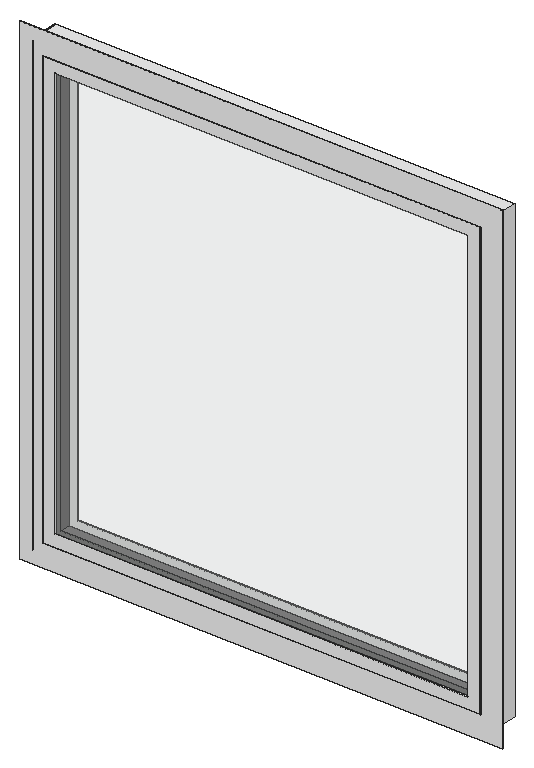
Revit family "Casement_28_F_Top_Hung_Standard", category Windows, host Wall, Revit 2014
Parameters (values of type "Casement_Sash_DG")
  Width Sash [instance] = 30 mm
  Width Sash Inner = 15 mm
  Width Bead = 15 mm
  Top Hung [instance] = yes
  Side Hung Right [instance] = yes
  Side Hung Left [instance] = yes
  Sash Opening Width [instance] = 600 mm
  Sash Opening Height [instance] = 600.312 mm
  Sash Lip = 15 mm
  Glazing Material [instance] = Glass
  DG Start Piece 2 [instance] = DG End Piece 1 + DG Gasket Thickness  # 25 mm
  DG Start Peice 1 [instance] = (Depth Sash - (2 * DG Glazing Thickness) - DG Gasket Thickness) / 2  # 6.6 mm
  Glazing Offset = 5 mm
  DG Glazing Thickness [instance] = 6.4 mm
  DG Gasket Thickness = 12 mm  # constant formula
  DG Gasket Material [instance] = Double Glazing Gasket Material
  DG End Piece 2 [instance] = DG Start Piece 2 + DG Glazing Thickness  # 31.4 mm
  DG End Piece 1 [instance] = DG Start Peice 1 + DG Glazing Thickness  # 13 mm
  Depth Sash [instance] = 38 mm
  Center Vertical Sash [instance] = Sash Opening Height / 2  # 300.156 mm
  Center Horizontal Sash [instance] = Sash Opening Width / 2  # 300 mm
  Bottom Hung [instance] = yes
  Bead Offset = 15 mm
  Aluminium Thickness = 1 mm
  Aluminium Material [instance] = White Powder Coated Aluminium
Reference planes
  plane 1 "Center (Front/Back)": y = 0
  plane 2: z = 0
  plane 3 "Center (Left/Right)": x = 0
Forms (mm)
  Sweep 1, solid, material "White Powder Coated Aluminium" <- "Aluminium Material"
    path origin (16.177, 0, 121.331) x (1, 0, 0) y (0, 0, 1)
      loop
        line (0, 0) -> (600, 0) -> (600, 600.312) -> (0, 600.312) -> (0, 0)
    profile origin (316.177, 0, 121.331) x (0, 0, 1) y (0, -1, 0)
      loop
        line (0, 0) -> (30, 0) -> (30, 1) -> (15, 1) -> (15, 38) -> (-15, 38) -> (-15, 37) -> (0, 37) -> (0, 0)
      loop
        line (14, 1) -> (14, 37) -> (1, 37) -> (1, 1) -> (14, 1)
  Sweep 2, solid, material "White Powder Coated Aluminium" <- "Aluminium Material"
    path origin (0, 0, 0) x (1, 0, 0) y (0, 0, 1)
      loop
        line (31.177, 706.643) -> (31.177, 136.331) -> (601.177, 136.331) -> (601.177, 706.643) -> (31.177, 706.643)
    profile origin (316.177, 0, 706.643) x (0, 0, 1) y (0, -1, 0)
      loop
        line (0, 37) -> (0, 38) -> (-15, 38) -> (-15, 37) -> (0, 37)
  Extrusion 3, solid, material "Glass" <- "Glazing Material"
    sketch origin (0, 0, 0) x (1, 0, 0) y (0, 0, 1)
      loop
        line (36.177, 701.643) -> (36.177, 141.331) -> (596.177, 141.331) -> (596.177, 701.643) -> (36.177, 701.643)
    from 6.6 <- "DG Start Peice 1" to 13 <- "DG End Piece 1"
  Extrusion 4, solid, material "Glass" <- "Glazing Material"
    sketch origin (0, 0, 0) x (1, 0, 0) y (0, 0, 1)
      loop
        line (36.177, 701.643) -> (36.177, 141.331) -> (596.177, 141.331) -> (596.177, 701.643) -> (36.177, 701.643)
    from 31.4 <- "DG End Piece 2" to 25 <- "DG Start Piece 2"
  Sweep 5, solid, material "Double Glazing Gasket Material" <- "DG Gasket Material"
    path origin (0, -13, 0) x (1, 0, 0) y (0, 0, 1)
      loop
        line (36.177, 701.643) -> (36.177, 141.331) -> (596.177, 141.331) -> (596.177, 701.643) -> (36.177, 701.643)
    profile origin (316.177, -13, 701.643) x (0, 0, 1) y (0, -1, 0)
      loop
        line (0, 0) -> (0, 12) -> (-7.96, 12) -> (-7.96, 0) -> (0, 0)
Lines and regions (mm)
  model lines
    curve 1: line (1.177, -38, 736.643) -> (31.177, -38, 706.643)
    curve 2: line (601.177, -38, 706.643) -> (631.177, -38, 736.643)
    curve 3: line (601.177, -38, 136.331) -> (631.177, -38, 106.331)
    curve 4: line (1.177, -38, 106.331) -> (31.177, -38, 136.331)
    curve 5: line (631.177, -37, 736.643) -> (616.177, -37, 721.643)
    curve 6: line (1.177, -37, 736.643) -> (16.177, -37, 721.643)
    curve 7: line (1.177, -37, 106.331) -> (16.177, -37, 121.331)
    curve 8: line (631.177, -37, 106.331) -> (616.177, -37, 121.331)
    curve 9: line (616.177, 0, 121.331) -> (586.177, 0, 151.331)
    curve 10: line (46.177, 0, 151.331) -> (16.177, 0, 121.331)
    curve 11: line (616.177, 0, 721.643) -> (586.177, 0, 691.643)
    curve 12: line (46.177, 0, 691.643) -> (16.177, 0, 721.643)
    curve 13: line (31.177, -38, 691.643) -> (46.177, -38, 691.643)
    curve 14: line (586.177, -38, 691.643) -> (601.177, -38, 691.643)
    curve 15: line (586.177, -38, 151.331) -> (601.177, -38, 151.331)
    curve 16: line (31.177, -38, 151.331) -> (46.177, -38, 151.331)
  model lines, style "GenericModelHiddenLines", visible <- "Top Hung"
    curve 17: line (46.386, -31.4, 690.914) -> (316.177, -31.4, 151.331)
    curve 18: line (316.177, -31.4, 151.331) -> (586.177, -31.4, 691.331)
  model lines, style "GenericModelHiddenLines", visible <- "Bottom Hung"
    curve 19: line (46.177, -31.4, 151.331) -> (316.177, -31.4, 691.331)
    curve 20: line (316.177, -31.4, 691.331) -> (586.177, -31.4, 151.331)
  model lines, style "GenericModelHiddenLines", visible <- "Side Hung Left"
    curve 21: line (46.386, -31.4, 690.914) -> (585.24, -31.4, 421.487)
    curve 22: line (585.24, -31.4, 421.487) -> (46.177, -31.4, 151.331)
  model lines, style "GenericModelHiddenLines", visible <- "Side Hung Right"
    curve 23: line (586.177, -31.4, 691.331) -> (46.177, -31.4, 421.487)
    curve 24: line (46.177, -31.4, 421.487) -> (586.177, -31.4, 151.331)
Dimensions and locks
  "Aluminium Thickness": Sweep 1 sketch curve to Sweep 1 sketch curve  (x4)
  "Depth Sash": Sweep 1 sketch curve to Sweep 1 sketch curve
  "Sash Opening Width": Sweep 1 to Sweep 1
  "Sash Opening Height": Sweep 1 to Sweep 1
  "Width Sash": Sweep 1 sketch curve to Sweep 1 sketch curve  (x2)
  "Width Sash Inner": Sweep 1 sketch curve to Sweep 1 sketch curve
  "Sash Lip": Sweep 1 sketch curve to Sweep 1 sketch curve
  "Aluminium Thickness": Sweep 1 to Sweep 2 sketch curve
  "Glazing Offset": Sweep 2 to Extrusion 3 sketch curve  (x3)
  "Glazing Offset": Extrusion 3 sketch curve to Sweep 2
  Sweep 1 to Sweep 1 = 1 mm
  "Aluminium Thickness": Sweep 2 sketch curve to Sweep 2 sketch curve
  "Width Bead": Sweep 2 sketch curve to Sweep 2 sketch curve
  locked: Sweep 5 sketch curve to Sweep 5 sketch curve at 7.96
  "Center Horizontal Sash": Sweep 1 to curve 18
  "Center Horizontal Sash": Sweep 1 to curve 20
  "Center Vertical Sash": Sweep 1 to curve 22
  "Center Vertical Sash": Sweep 1 to curve 24
  aligned and locked: level to plane 2
  aligned and locked: Sweep 1 sketch curve to Sweep 1 sketch curve  (x2)
  aligned and locked: Sweep 2 sketch curve to Sweep 1  (x5)
  aligned and locked: Extrusion 4 sketch curve to Extrusion 3  (x4)
  aligned and locked: Sweep 5 sketch curve to Extrusion 3  (x5)
  aligned and locked: Extrusion 3 to Sweep 5 sketch curve
Automatic sketch dimensions
  plane 3 "Center (Left/Right)" to Sweep 1 sketch curve = 16.177 mm
  level to Sweep 1 sketch curve = 121.331 mm
  plane 3 "Center (Left/Right)" to Sweep 1 sketch curve = 616.177 mm
  level to Sweep 1 sketch curve = 721.643 mm
  profile plane to Sweep 5 sketch curve = 12 mm
  curve 7 to Sweep 1 = 0 mm  (x4)
  curve 6 to Sweep 1 = 0 mm  (x3)
  Sweep 1 to curve 6 = 0 mm
  curve 5 to Sweep 1 = 0 mm  (x3)
  curve 8 to Sweep 1 = 0 mm  (x4)
  Sweep 1 to curve 5 = 0 mm
  curve 16 to Sweep 2 = 0 mm  (x3)
  curve 13 to Sweep 2 = 0 mm  (x3)
  curve 15 to Sweep 2 = 0 mm
  Sweep 2 to curve 15 = 0 mm  (x2)
  curve 14 to Sweep 2 = 0 mm  (x2)
  Sweep 2 to curve 14 = 0 mm
  curve 1 to Sweep 1 = 0 mm  (x4)
  curve 4 to Sweep 1 = 0 mm  (x3)
  Sweep 1 to curve 4 = 0 mm
  curve 3 to Sweep 1 = 0 mm  (x3)
  curve 2 to Sweep 1 = 0 mm  (x4)
  Sweep 1 to curve 3 = 0 mm
  curve 10 to Sweep 1 = 0 mm  (x4)
  curve 12 to Sweep 1 = 0 mm  (x3)
  Sweep 1 to curve 12 = 0 mm
  curve 9 to Sweep 1 = 0 mm  (x4)
  curve 11 to Sweep 1 = 0 mm  (x3)
  Sweep 1 to curve 11 = 0 mm
  Sweep 1 sketch curve to plane 1 "Center (Front/Back)" = 0 mm
  profile plane to Sweep 1 sketch curve = 0 mm
  curve 21 to Extrusion 4 = 10.208 mm
  curve 19 to Extrusion 4 = 10 mm
  curve 23 to Extrusion 4 = 10 mm  (x2)
  curve 22 to Extrusion 4 = 10.937 mm
  curve 20 to Extrusion 4 = 10 mm
  curve 24 to Extrusion 4 = 10 mm
  curve 22 to Extrusion 4 = 10 mm
  curve 18 to Extrusion 4 = 10 mm
  curve 21 to Extrusion 4 = 10.729 mm
  curve 19 to Extrusion 4 = 10.312 mm
  curve 18 to Extrusion 4 = 10.312 mm
Types in the file's own list only (6): name | Windload Design | Width Sash Right Opening | Width Sash Left Opening | Width Sash Right | Width Sash Left | Width Profile | Width Fixed Panel Right | Width Fixed Panel Left | Width Fixed Panel Center | Width | URL | Offset Window Exterior | Max Pane Area | Intruderprufe U Value | Intruderprufe SHGC Value | Intruderprufe LowE U Value | Intruderprufe LowE SHGC Value | Height Fixed Panel Right | Height Fixed Panel Left | Height | Energy Advantage U Value | Energy Advantage SHGC Value | Custom Window Width | Custom Window Height | Window Exterior Offset | Custom Windload | Custom Sash Right Width | Custom Sash Right Height | Custom Sash Left Width | Custom Sash Left Height | Single Glazing | Sash Spacing Inner | Sash Overlap | Sash Center Offset | SG Gasket Thickness | Offset Sash Side | Offset Sash Top | Offset Mullion Right | Offset Fixed Panel Center Left | Offset Mullion Left | Offset Transom Right Top | Offset Transom Left Top | Offset Bead Center Reversed | Model | Manufacturer | Limit Window Width Min | Limit Window Width Max | Limit Window Height Min | Limit Window Height Max | Limit Sash Width Min | Limit Sash Width Max | Limit Sash Height Min | Limit Sash Height Max | Limit Fixed Pane Width Min | Limit Fixed Pane Width Max | Limit Fixed Pane Height Min | Limit Fixed Pane Height Max | Length Transom Right | Length Transom Left | Length Mullion | Height Sash Right Opening | Height Sash Right | Height Sash Left Opening | Height Sash Left | Height Fixed Panel Center | Description | Depth Mullion | Frame Center Offset | Depth Bead | Default Sill Height | Wall Closure | Mullion Depth Windload Based | Clearvue U Value | Clearvue SHGC Value | Casement Dimension | Bottom Hung | Bead SG Gap | Area Pane Right Top | Area Pane Right Bottom | Area Pane Middle | Area Pane Left Top | Area Pane Left Bottom
  28-1809TT-1000Pa | 1000 mm | 554 mm | 554 mm | 524 mm | 524 mm | 30 mm | 540 mm | 540 mm | 590 mm | 1790 mm | "http://www.crealco.co.za/crealco-products.php" | 14 mm | 0.48 m² | 6.98 | 0.659 | 5.26 | 0.562 | 260 mm | 260 mm | 890 mm | 5.37 | 0.604 | 1790 mm | 890 mm | 0 mm | 1000 mm | 554 mm | 554 mm | 554 mm | 554 mm | Yes | 8 mm | 7 mm | 11 mm | 6 mm | 23 mm | 23 mm | 570 mm | 600 mm | 570 mm | 570 mm | 570 mm | 14 mm | "Casement 28" | "Crealco" | 1400 mm | 2700 mm | 830 mm | 1860 mm | 300 mm | 900 mm | 300 mm | 600 mm | 200 mm | 1500 mm | 200 mm | 1800 mm | 540 mm | 540 mm | 890 mm | 554 mm | 524 mm | 554 mm | 524 mm | 830 mm | "Window 28mm, Type F top hung" | 29 mm | 14 mm | 14 mm | 800 mm | By host | 29 mm | 6.96 | 0.677 | 28 mm | No | 13 mm | 0.23 m² | 0.13 m² | 0.48 m² | 0.23 m² | 0.13 m²
  28-2409TT-1000Pa | 1000 mm | 554 mm | 554 mm | 524 mm | 524 mm | 30 mm | 540 mm | 540 mm | 1190 mm | 2390 mm | "http://www.crealco.co.za/crealco-products.php" | 14 mm | 0.97 m² | 7.35 | 0.745 | 5.4 | 0.642 | 260 mm | 260 mm | 890 mm | 5.54 | 0.683 | 2390 mm | 890 mm | 0 mm | 1000 mm | 554 mm | 554 mm | 554 mm | 554 mm | Yes | 8 mm | 7 mm | 11 mm | 6 mm | 23 mm | 23 mm | 570 mm | 600 mm | 570 mm | 570 mm | 570 mm | 14 mm | "Casement 28" | "Crealco" | 1400 mm | 2700 mm | 830 mm | 1860 mm | 300 mm | 900 mm | 300 mm | 600 mm | 200 mm | 1500 mm | 200 mm | 1800 mm | 540 mm | 540 mm | 890 mm | 554 mm | 524 mm | 554 mm | 524 mm | 830 mm | "Window 28mm, Type F top hung" | 29 mm | 14 mm | 14 mm | 800 mm | By host | 29 mm | 7.36 | 0.765 | 28 mm | No | 13 mm | 0.23 m² | 0.13 m² | 0.97 m² | 0.23 m² | 0.13 m²
  28-2409TT-2000Pa | 1000 mm | 554 mm | 554 mm | 524 mm | 524 mm | 30 mm | 540 mm | 540 mm | 1190 mm | 2390 mm | "http://www.crealco.co.za/crealco-products.php" | 14 mm | 0.97 m² | 7.37 | 0.732 | 5.5 | 0.642 | 260 mm | 260 mm | 890 mm | 5.64 | 0.684 | 2390 mm | 890 mm | 0 mm | 1000 mm | 554 mm | 554 mm | 554 mm | 554 mm | Yes | 8 mm | 7 mm | 11 mm | 6 mm | 23 mm | 23 mm | 570 mm | 600 mm | 570 mm | 570 mm | 570 mm | 14 mm | "Casement 28" | "Crealco" | 1400 mm | 2700 mm | 830 mm | 1860 mm | 300 mm | 900 mm | 300 mm | 600 mm | 200 mm | 1500 mm | 200 mm | 1800 mm | 540 mm | 540 mm | 890 mm | 554 mm | 524 mm | 554 mm | 524 mm | 830 mm | "Window 28mm, Type F top hung" | 29 mm | 14 mm | 14 mm | 800 mm | By host | 29 mm | 7.45 | 0.765 | 28 mm | No | 13 mm | 0.23 m² | 0.13 m² | 0.97 m² | 0.23 m² | 0.13 m²
  28-1809TT-1500Pa | 1500 mm | 554 mm | 554 mm | 524 mm | 524 mm | 30 mm | 540 mm | 540 mm | 590 mm | 1790 mm | "http://www.crealco.co.za/crealco-products.php" | 14 mm | 0.48 m² | 6.98 | 0.659 | 5.26 | 0.562 | 260 mm | 260 mm | 890 mm | 5.37 | 0.604 | 1790 mm | 890 mm | 0 mm | 1500 mm | 554 mm | 554 mm | 554 mm | 554 mm | Yes | 8 mm | 7 mm | 11 mm | 6 mm | 23 mm | 23 mm | 570 mm | 600 mm | 570 mm | 570 mm | 570 mm | 14 mm | "Casement 28" | "Crealco" | 1400 mm | 2700 mm | 830 mm | 1860 mm | 300 mm | 900 mm | 300 mm | 600 mm | 200 mm | 1500 mm | 200 mm | 1800 mm | 540 mm | 540 mm | 890 mm | 554 mm | 524 mm | 554 mm | 524 mm | 830 mm | "Window 28mm, Type F top hung" | 29 mm | 14 mm | 14 mm | 800 mm | By host | 29 mm | 6.96 | 0.677 | 28 mm | No | 13 mm | 0.23 m² | 0.13 m² | 0.48 m² | 0.23 m² | 0.13 m²
  28-1809TT-2000Pa | 2000 mm | 554 mm | 554 mm | 524 mm | 524 mm | 30 mm | 540 mm | 540 mm | 590 mm | 1790 mm | "http://www.crealco.co.za/crealco-products.php" | 14 mm | 0.48 m² | 6.98 | 0.659 | 5.26 | 0.562 | 260 mm | 260 mm | 890 mm | 5.37 | 0.604 | 1790 mm | 890 mm | 0 mm | 2000 mm | 554 mm | 554 mm | 554 mm | 554 mm | Yes | 8 mm | 7 mm | 11 mm | 6 mm | 23 mm | 23 mm | 570 mm | 600 mm | 570 mm | 570 mm | 570 mm | 14 mm | "Casement 28" | "Crealco" | 1400 mm | 2700 mm | 830 mm | 1860 mm | 300 mm | 900 mm | 300 mm | 600 mm | 200 mm | 1500 mm | 200 mm | 1800 mm | 540 mm | 540 mm | 890 mm | 554 mm | 524 mm | 554 mm | 524 mm | 830 mm | "Window 28mm, Type F top hung" | 29 mm | 14 mm | 14 mm | 800 mm | By host | 29 mm | 6.96 | 0.677 | 28 mm | No | 13 mm | 0.23 m² | 0.13 m² | 0.48 m² | 0.23 m² | 0.13 m²
  28-2409TT-1500Pa | 1500 mm | 554 mm | 554 mm | 524 mm | 524 mm | 30 mm | 540 mm | 540 mm | 1190 mm | 2390 mm | "http://www.crealco.co.za/crealco-products.php" | 14 mm | 0.97 m² | 7.35 | 0.745 | 5.4 | 0.642 | 260 mm | 260 mm | 890 mm | 5.54 | 0.683 | 2390 mm | 890 mm | 0 mm | 1500 mm | 554 mm | 554 mm | 554 mm | 554 mm | Yes | 8 mm | 7 mm | 11 mm | 6 mm | 23 mm | 23 mm | 570 mm | 600 mm | 570 mm | 570 mm | 570 mm | 14 mm | "Casement 28" | "Crealco" | 1400 mm | 2700 mm | 830 mm | 1860 mm | 300 mm | 900 mm | 300 mm | 600 mm | 200 mm | 1500 mm | 200 mm | 1800 mm | 540 mm | 540 mm | 890 mm | 554 mm | 524 mm | 554 mm | 524 mm | 830 mm | "Window 28mm, Type F top hung" | 29 mm | 14 mm | 14 mm | 800 mm | By host | 29 mm | 7.36 | 0.765 | 28 mm | No | 13 mm | 0.23 m² | 0.13 m² | 0.97 m² | 0.23 m² | 0.13 m²
